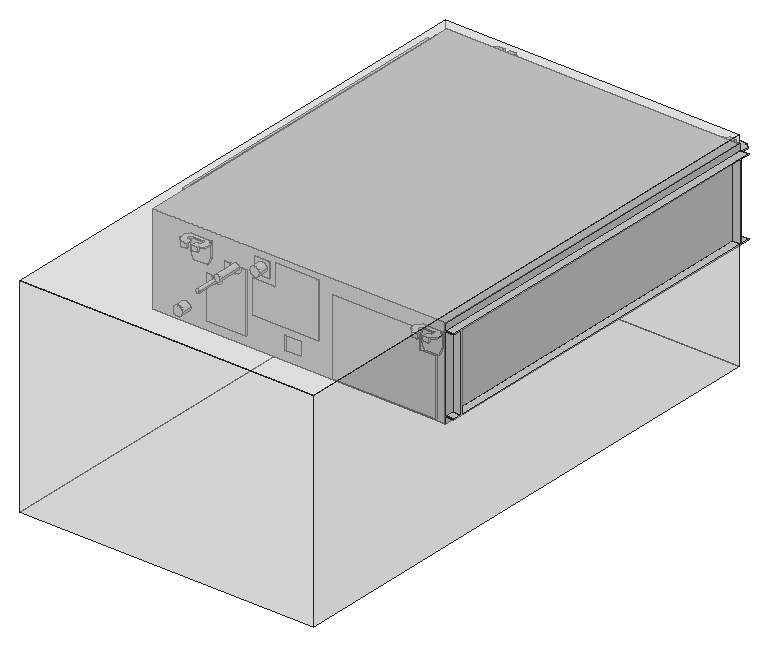
Revit family "outputfile", category 機械設備, Revit 2024
Family settings
  丸型コネクタ寸法 = 半径を使用
  パーツ タイプ = 標準
  OmniClass 番号 = 23.75.10.24.21.27.27
  OmniClass タイトル = Split System Air Conditioning Units
  作業面ベース = いいえ
  常に垂直 = はい
  ロード時にボイドで切り取り = いいえ
  注釈の向きを維持 = いいえ
  共有 = いいえ
  部屋計算ポイント = はい
Parameters (values of type "FBA60BVMA")
  製造元 = "Daikin"
  書き出し IFC クラス(タイプ) = "IfcUnitaryEquipmentType"
  定義済み IFC タイプ(タイプ) = "AIRCONDITIONINGUNIT"
  モデル = "FBA60BVMA"
  switch_frequency = yes
  r_Liquid Pipe Size = Liquid Pipe Size / 2  # 4.75 mm
  r_Gas Pipe Size = Gas Pipe Size / 2  # 7.95 mm
  r_Drain Pipe Size = Drain Pipe Size / 2  # 12.5 mm
  lw_power = 770.0 mm  # constant formula
  lh_SA = 138.0 mm  # constant formula
  lw_SA = if(Width = 550.0 mm, 225.0 mm, if(Width = 700.0 mm, 300.0 mm, if(Width = 1000.0 mm, 450.0 mm, if(Width = 1400.0 mm, 650.0 mm, 725.0 mm))))  # 450.0 mm
  lw_RA = if(Width = 550.0 mm, 275.0 mm, if(Width = 700.0 mm, 349.0 mm, if(Width = 1000.0 mm, 499.0 mm, if(Width = 1400.0 mm, 699.0 mm, 775.0 mm))))  # 499.0 mm
  lh_power = 60.0 mm + [h***]  # 60.0 mm
  lh_mountinghole1 = lh_mountinghole + [h***]  # 222.0 mm
  lh_RA = 123.0 mm  # constant formula
  ld_power = Width / 2  # 500.0 mm
  connector_voltage = Voltage_50Hz  # 230 V
  connector_powerinput = [Power Input (Cooling)]  # 1.640 kW
  connector_phase = Phase_50Hz  # 1
  Voltage_comment_60Hz = "220-230"
  Voltage_comment_50Hz = "220 - 240"
  Voltage_60Hz = 220 V
  Voltage_50Hz = 230 V
  Total Heating Capacity [instance] = 0.000 kW
  Supply Air Direction [instance] = yes
  Sound Power Level_H speed (dB) = 0
  Power Input (Heating) = 0.000 kW
  Phase_60Hz = 1
  Phase_50Hz = 1
  Nominal Heating Capacity = 0.000 kW
  Minimum External Static Pressure = 0.00 Pa
  Minimum Circuit Amps_60Hz = 0.0 A
  Minimum Circuit Amps_50Hz = 0.0 A
  Maximum Fuse Amps_60Hz = 0.0 A
  Maximum Fuse Amps_50Hz = 0.0 A
  Maximum External Static Pressure = 0.00 Pa
  Material_Casing = DAIKIN_GalvanizedSteel_Casing_indoorunit
  lw_mountinghole = 630.0 mm  # constant formula
  lh_gaspipe = 183.0 mm + [h***]  # 183.0 mm
  lh_mountinghole = 222.0 mm  # constant formula
  lh_liquidpipe = 136.0 mm + [h***]  # 136.0 mm
  lh_drainpipe = 207.0 mm + [h***]  # 207.0 mm
  lh_antena = Height - lh_mountinghole + 1.0 mm  # 24.0 mm
  ld_drainpipe = Width / 2 + 26.0 mm  # 526.0 mm
  ld_liquidpipe = Width / 2 + 69.0 mm  # 569.0 mm
  ld_gaspipe = Width / 2 + 65.0 mm  # 565.0 mm
  ld_mountinghole = Width + 38.0 mm  # 1038.0 mm
  h*** = 0.0 mm  # constant formula
  lw_liquidpipe = 179.0 mm  # constant formula
  lw_gaspipe = 229.0 mm  # constant formula
  lw_drainpipe = 300.0 mm  # constant formula
  Width = 1000.0 mm
  Version = "ver.1.0"
  Unit Type = "Duct"
  Unit Mass Weight = 37.00 kg
  Unit Designation [instance] = ""
  Uniclass2015Version = "Products v1.30"
  Uniclass2015Title = "Split coil room air conditioning units"
  Uniclass2015Code = "Pr_70_65_03_86"
  Total Cooling Capacity [instance] = 0.000 kW
  Sound Pressure Level_M speed (dBA) = 33
  Sound Pressure Level_L speed (dBA) = 31
  Sound Pressure Level_H speed (dBA) = 35
  Series = "SkyAir_Fan Coil Unit"
  Sensible Cooling Capacity [instance] = 0.000 kW
  SA Duct Size Width = 792.0 mm
  SA Duct Size Height = 176.0 mm
  Refrigerant Type = "R32"
  RA Duct Size Width = 952.0 mm
  RA Duct Size Height = 208.0 mm
  Power Input (Cooling) = 1.640 kW
  Option Accessory 3 [instance] = ""
  Option Accessory 2 [instance] = ""
  Option Accessory 1 [instance] = ""
  Nominal Cooling Capacity = 6.000 kW
  Minimum Airflow = 750.00 m³/h
  Median Airflow = 900.00 m³/h
  Maximum Airflow = 1080.00 m³/h
  Load Classification = HVAC
  Liquid Pipe Size = 9.5 mm
  Link_Nested Family [instance] = ""
  IfcVersion = ""
  IfcExportType = "AIRCONDITIONINGUNIT"
  IfcExportAs = "IfcUnitaryEquipmentType"
  Height = 245.0 mm
  Heating Entering Wet Bulb Temperature [instance] = -273.15 °C
  Heating Entering Dry Bulb Temperature [instance] = -273.15 °C
  Heating Ambient Wet Bulb Temperature [instance] = -273.15 °C
  Heating Ambient Dry Bulb Temperature [instance] = -273.15 °C
  Heat Exchanger Type = "Cross Fin Coil"
  Gas Pipe Size = 15.9 mm
  Frequency_60Hz = 60 Hz
  Frequency_50Hz = 50 Hz
  Fan Type = "Sirocco Fan"
  Fan Drive = "-"
  FCU Tag No. [instance] = ""
  Drain Pipe Size = 25.0 mm
  Design Supply Airflow [instance] = 0.00 m³/h
  Design Return Airflow [instance] = 0.00 m³/h
  Design External Static Pressure [instance] = 0.00 Pa
  Depth = 800.0 mm
  既定の高さ = 0.0 mm
  Cooling Entering Wet Bulb Temperature [instance] = 0.00 °C
  Cooling Entering Dry Bulb Temperature [instance] = 0.00 °C
  Cooling Ambient Wet Bulb Temperature [instance] = 0.00 °C
  Cooling Ambient Dry Bulb Temperature [instance] = 0.00 °C
  Clearance visibility [instance] = yes
  Clearance Top = 20.0 mm
  Clearance Right = 0.0 mm
  Clearance Rear = 0.0 mm
  Clearance Left = 0.0 mm
  Clearance Front = 450.0 mm
  Clearance Bottom = 300.0 mm
Reference planes
  plane 1 "Center (Front/Back)": y = 0
  plane 2 "h": z = 0
  plane 3 "Center (Left/Right)": x = 0
  plane 4 "Back": y = 500
  plane 5 "Front": y = -500
  plane 6 "Left": x = -400
  plane 7 "Right": x = 400
  plane 8 "Top": z = 0
  plane 9 "Bottom": z = -245
  plane 10: y = -215
  plane 11: y = 500
  plane 12: y = -950
  plane 13: x = -400
  plane 14: x = 400
  plane 15: z = 20
  plane 16: z = -545
  plane 17: x = -400
  plane 18: x = -399
  plane 19: x = 399
  plane 20: y = 50
  plane 21: y = -1
  plane 22: z = -122
  plane 23: y = -501
  plane 24: z = -109
  plane 25: x = -221
  plane 26: y = -565
  plane 27: z = -62
  plane 28: x = -171
  plane 29: y = -526
  plane 30: z = -38
  plane 31: x = -100
  plane 32: x = -100
  plane 33: x = -221
  plane 34: x = -171
  plane 35: x = 370
  plane 36: x = -266
  plane 37: x = 364
  plane 38: y = -519
  plane 39: y = 519
  plane 40: z = -23
  plane 41: z = -107
  plane 42: y = -569
  plane 43: z = -207
  plane 44: x = -309
  plane 45: y = -376
  plane 46: x = -251
  plane 47: x = -203
  plane 48: x = -144
  plane 49: z = -59
  plane 50: z = -106
  plane 51: z = -221
  plane 52: z = -109
  plane 53: x = -221
  plane 54: z = -62
  plane 55: x = -171
  plane 56: z = -17
  plane 57: z = -59
  plane 58: x = -121
  plane 59: x = -79
  plane 60: x = -125
  plane 61: x = -64
  plane 62: x = 53
  plane 63: z = -164
  plane 64: z = -73
  plane 65: z = -16
  plane 66: x = 93.5
  plane 67: x = 374.5
  plane 68: x = 330
  plane 69: z = -88.5
  plane 70: z = -38
  plane 71: z = -242.5
  plane 72: x = -38.5
  plane 73: x = 6.5
  plane 74: z = -181
  plane 75: z = -221
  plane 76: y = -499
  plane 77: x = -424
  plane 78: x = 424
Forms (mm)
  Extrusion 1, solid, material "DAIKIN_GalvanizedSteel_Casing_indoorunit" <- "Material_Casing"
    sketch origin (0, 0, 0) x (1, 0, 0) y (0, 1, 0)
      loop
        line (-399, 500) -> (-399, -500) -> (399, -500) -> (399, 500) -> (-399, 500)
    from -245 to 0
  Extrusion 2, solid, material "DAIKIN_GalvanizedSteel_Casing_indoorunit" <- "Material_Casing"
    sketch origin (0, 0, 0) x (1, 0, 0) y (0, 0, 1)
      loop
        line (-251, -221) -> (-144, -221) -> (-144, -59) -> (-154.47, -59)
        arc (-154.47, -59) -> (-171, -78.8) -> (-187.53, -59) r 16.8
        line (-187.53, -59) -> (-203, -59) -> (-203, -106) -> (-206.916, -106)
        arc (-206.916, -106) -> (-221, -123.4) -> (-235.084, -106) r 14.4
        line (-235.084, -106) -> (-251, -106) -> (-251, -221)
    from 500 to 501
  Extrusion 3, solid, material "DAIKIN_GalvanizedSteel_Casing_indoorunit" <- "Material_Casing"
    sketch origin (0, 0, 0) x (1, 0, 0) y (0, 0, 1)
      loop
        line (-121, -17) -> (-121, -59) -> (-79, -59) -> (-79, -17) -> (-121, -17)
      loop
        line (-125, -73) -> (-125, -164) -> (53, -164) -> (53, -16) -> (-64, -16) -> (-64, -73) -> (-125, -73)
    from 500 to 501
  Extrusion 4, solid, material "DAIKIN_GalvanizedSteel_Casing_indoorunit" <- "Material_Casing"
    sketch origin (0, 0, 0) x (1, 0, 0) y (0, 0, 1)
      loop
        line (93.5, -38) -> (93.5, -242.5) -> (374.5, -242.5) -> (374.5, -88.5) -> (330, -88.5) -> (330, -38) -> (93.5, -38)
    from 500 to 501
  Extrusion 5, solid, material "DAIKIN_GalvanizedSteel_Casing_indoorunit" <- "Material_Casing"
    sketch origin (0, 0, 0) x (1, 0, 0) y (0, 0, 1)
      loop
        circle (-221, -109) r 4.75
    from 500 to 569
  Extrusion 6, solid, material "DAIKIN_GalvanizedSteel_Casing_indoorunit" <- "Material_Casing"
    sketch origin (0, 0, 0) x (1, 0, 0) y (0, 0, 1)
      loop
        circle (-171, -62) r 7.95
    from 500 to 565
  Extrusion 7, solid, material "DAIKIN_GalvanizedSteel_Casing_indoorunit" <- "Material_Casing"
    sketch origin (0, 0, 0) x (1, 0, 0) y (0, 0, 1)
      loop
        circle (-100, -38) r 12.5
    from 501 to 526
  Extrusion 8, solid, material "DAIKIN_GalvanizedSteel_Casing_indoorunit" <- "Material_Casing"
    sketch origin (0, 0, 0) x (1, 0, 0) y (0, 0, 1)
      loop
        circle (-309, -207) r 13
    from 500 to 526
  Extrusion 9, void
    sketch origin (0, 0, 0) x (1, 0, 0) y (0, 0, 1)
      loop
        line (-38.5, -181) -> (-38.5, -221) -> (6.5, -221) -> (6.5, -181) -> (-38.5, -181)
    from 499 to 500
Cuts and joins
  Extrusion 9 cuts Extrusion 1
Dimensions and locks
  "Height": plane 8 "Top" to plane 9 "Bottom"
  equal spacing: plane 4 "Back", plane 1 "Center (Front/Back)", plane 5 "Front"
  "Width": plane 4 "Back" to plane 5 "Front"
  equal spacing: plane 6 "Left", plane 3 "Center (Left/Right)", plane 7 "Right"
  "Depth": plane 6 "Left" to plane 7 "Right"
  "Clearance Left": plane 13 to plane 6 "Left"
  "Clearance Right": plane 7 "Right" to plane 14
  "Clearance Rear": plane 11 to plane 4 "Back"
  "Clearance Front": plane 5 "Front" to plane 12
  "Clearance Top": plane 15 to plane 8 "Top"
  "Clearance Bottom": plane 9 "Bottom" to plane 16
  locked: plane 17 to plane 18 at 1
  locked: plane 19 to plane 14 at 1
  "lw_SA": plane 11 to plane 20
  "lw_RA": plane 21 to plane 5 "Front"
  "lh_RA": plane 22 to plane 9 "Bottom"
  locked: plane 5 "Front" to plane 23 at 1
  "lw_liquidpipe": plane 25 to plane 6 "Left"
  "lh_liquidpipe": plane 24 to plane 9 "Bottom"
  "lh_gaspipe": plane 27 to plane 9 "Bottom"
  "lw_gaspipe": plane 28 to plane 6 "Left"
  "ld_gaspipe": plane 26 to plane 1 "Center (Front/Back)"
  "ld_drainpipe": plane 29 to plane 1 "Center (Front/Back)"
  "lh_drainpipe": plane 30 to plane 9 "Bottom"
  "lw_drainpipe": plane 31 to plane 6 "Left"
  "lw_drainpipe": plane 6 "Left" to plane 32
  "lw_liquidpipe": plane 6 "Left" to plane 33
  "lw_gaspipe": plane 6 "Left" to plane 34
  "lw_power": plane 6 "Left" to plane 35
  locked: plane 17 to plane 36 at 134
  "lw_mountinghole": plane 36 to plane 37
  equal spacing: plane 38, plane 1 "Center (Front/Back)", plane 39
  "ld_mountinghole": plane 39 to plane 38
  "lh_mountinghole": plane 40 to plane 9 "Bottom"
  "lh_SA": plane 41 to plane 9 "Bottom"
  locked: plane 44 to plane 6 "Left" at 91
  locked: plane 43 to plane 9 "Bottom" at 38
  plane 48 to plane 47 to plane 46 to plane 6 "Left" = 59.0 mm, 48.0 mm, 149.0 mm
  plane 8 "Top" to plane 49 to plane 50 to plane 51 = 59.0 mm locked, 47.0 mm locked, 115.0 mm locked
  plane 55 to plane 53 to plane 6 "Left" = 50.0 mm locked, 179.0 mm locked
  plane 54 to plane 52 to plane 9 "Bottom" = 47.0 mm locked, 136.0 mm locked
  plane 59 to plane 58 to plane 6 "Left" = 42.0 mm locked, 279.0 mm locked
  plane 8 "Top" to plane 56 to plane 57 = 17.0 mm locked, 42.0 mm locked
  plane 62 to plane 61 to plane 60 to plane 6 "Left" = 117.0 mm, 61.0 mm, 275.0 mm
  plane 8 "Top" to plane 65 to plane 64 = 16.0 mm locked, 57.0 mm locked
  locked: plane 65 to plane 63 at 148
  plane 8 "Top" to plane 70 to plane 69 to plane 71 = 38.0 mm locked, 50.5 mm locked, 154.0 mm locked
  plane 67 to plane 68 to plane 66 to plane 6 "Left" = 44.5 mm locked, 236.5 mm locked, 493.5 mm locked
  plane 8 "Top" to plane 74 to plane 75 = 181.0 mm locked, 40.0 mm locked
  plane 73 to plane 72 to plane 6 "Left" = 45.0 mm, 361.5 mm
  locked: plane 76 to plane 5 "Front" at 1
  locked: plane 77 to plane 17 at 24
  locked: plane 14 to plane 78 at 24
  "ld_liquidpipe": plane 42 to plane 1 "Center (Front/Back)"
  "r_Liquid Pipe Size": radius of Extrusion 5 sketch curve
  "r_Gas Pipe Size": radius of Extrusion 6 sketch curve
  "r_Drain Pipe Size": radius of Extrusion 7 sketch curve
  aligned and locked: level to plane 2 "h"
  aligned and locked: plane 8 "Top" to Extrusion 1
  aligned and locked: Extrusion 1 to plane 9 "Bottom"
  aligned and locked: nested 5 to plane 12
  aligned and locked: plane 13 to nested 5
  aligned and locked: plane 14 to nested 5
  aligned and locked: nested 5 to plane 13
  aligned and locked: plane 11 to nested 5
  aligned and locked: plane 15 to nested 5
  aligned and locked: plane 16 to nested 5
  aligned and locked: plane 5 "Front" to Extrusion 1 sketch curve
  aligned and locked: Extrusion 1 to plane 18
  aligned and locked: plane 19 to Extrusion 1
  aligned and locked: nested 7 to plane 18
  aligned and locked: nested 7 to plane 20
  aligned and locked: plane 19 to nested 8
  aligned and locked: plane 21 to nested 8
  aligned and locked: plane 22 to nested 8
  aligned and locked: Extrusion 2 to plane 23
  aligned and locked: plane 5 "Front" to Extrusion 2
  aligned and locked: Extrusion 3 to plane 23
  aligned and locked: plane 5 "Front" to Extrusion 3
  aligned and locked: plane 5 "Front" to Extrusion 4
  aligned and locked: Extrusion 5 sketch curve to plane 25
  aligned and locked: plane 24 to Extrusion 5 sketch curve
  aligned and locked: plane 5 "Front" to Extrusion 5
  aligned and locked: Extrusion 6 sketch curve to plane 28
  aligned and locked: plane 27 to Extrusion 6 sketch curve
  aligned and locked: plane 5 "Front" to Extrusion 6
  aligned and locked: Extrusion 7 sketch curve to plane 31
  aligned and locked: Extrusion 7 sketch curve to plane 30
  aligned and locked: Extrusion 7 to plane 29
  aligned and locked: plane 23 to Extrusion 7
  aligned and locked: nested 3 to plane 29
  aligned and locked: plane 32 to nested 3
  aligned and locked: nested 2 to plane 33
  aligned and locked: nested 1 to plane 34
  aligned and locked: Extrusion 6 to plane 26
  aligned and locked: nested 1 to plane 26
  aligned and locked: nested 6 to plane 5 "Front"
  aligned and locked: nested 6 to plane 35
  aligned and locked: plane 36 to nested 10
  aligned and locked: nested 10 to plane 5 "Front"
  aligned and locked: plane 37 to nested 9
  aligned and locked: nested 9 to plane 5 "Front"
  aligned and locked: nested 11 to plane 36
  aligned and locked: plane 4 "Back" to nested 11
  aligned and locked: nested 12 to plane 37
  aligned and locked: plane 4 "Back" to nested 12
  aligned and locked: plane 40 to nested 10
  aligned and locked: plane 40 to nested 11
  aligned and locked: plane 40 to nested 9
  aligned and locked: plane 40 to nested 12
  aligned and locked: plane 36 to nested 14
  aligned and locked: nested 14 to plane 39
  aligned and locked: plane 37 to nested 13
  aligned and locked: nested 13 to plane 39
  aligned and locked: plane 37 to nested 16
  aligned and locked: plane 38 to nested 16
  aligned and locked: plane 38 to nested 15
  aligned and locked: plane 36 to nested 15
  aligned and locked: plane 17 to plane 6 "Left"
  aligned and locked: plane 41 to nested 7
  aligned and locked: Extrusion 5 to plane 42
  aligned and locked: nested 2 to plane 42
  aligned and locked: Extrusion 8 sketch curve to plane 44
  aligned and locked: plane 43 to Extrusion 8 sketch curve
  aligned and locked: plane 5 "Front" to Extrusion 8
  aligned and locked: Extrusion 3 sketch curve to plane 56
  aligned and locked: Extrusion 3 sketch curve to plane 58
  aligned and locked: plane 57 to Extrusion 3 sketch curve
  aligned and locked: plane 59 to Extrusion 3 sketch curve
  aligned and locked: Extrusion 4 to plane 23
  aligned and locked: Extrusion 9 sketch curve to plane 74
  aligned and locked: plane 75 to Extrusion 9 sketch curve
  aligned and locked: plane 73 to Extrusion 9 sketch curve
  aligned and locked: plane 5 "Front" to Extrusion 9
  aligned and locked: plane 76 to Extrusion 9
  aligned and locked: nested 17 to plane 20
  aligned and locked: nested 17 to plane 77
  aligned and locked: plane 21 to nested 18
  aligned and locked: plane 78 to nested 18
  aligned and locked: plane 41 to nested 17
  aligned and locked: nested 18 to plane 22
  aligned and locked: nested 4 to plane 3 "Center (Left/Right)"
  aligned and locked: plane 1 "Center (Front/Back)" to nested 4
  aligned and locked: level to plane 8 "Top"
Automatic sketch dimensions
  plane 6 "Left" to Extrusion 1 sketch curve = 1.0 mm
  Extrusion 1 sketch curve to plane 7 "Right" = 1.0 mm
  Extrusion 1 sketch curve to plane 4 "Back" = 0.0 mm
  Extrusion 2 sketch curve to plane 46 = 0.0 mm
  Extrusion 2 sketch curve to plane 33 = 0.0 mm
  Extrusion 2 sketch curve to plane 47 = 0.0 mm
  Extrusion 2 sketch curve to plane 34 = 0.0 mm
  Extrusion 2 sketch curve to plane 48 = 0.0 mm
  Extrusion 2 sketch curve to plane 51 = 0.0 mm
  Extrusion 2 sketch curve to plane 52 = 0.0 mm
  Extrusion 2 sketch curve to plane 50 = 0.0 mm  (x3)
  Extrusion 2 sketch curve to plane 54 = 0.0 mm
  Extrusion 2 sketch curve to plane 49 = 0.0 mm  (x3)
  plane 33 to Extrusion 2 sketch curve = 14.084 mm
  plane 34 to Extrusion 2 sketch curve = 16.53 mm
  Extrusion 3 sketch curve to plane 60 = 0.0 mm
  Extrusion 3 sketch curve to plane 61 = 0.0 mm
  Extrusion 3 sketch curve to plane 62 = 0.0 mm
  Extrusion 3 sketch curve to plane 63 = 0.0 mm
  Extrusion 3 sketch curve to plane 64 = 0.0 mm
  Extrusion 3 sketch curve to plane 65 = 0.0 mm
  Extrusion 4 sketch curve to plane 66 = 0.0 mm
  Extrusion 4 sketch curve to plane 68 = 0.0 mm
  Extrusion 4 sketch curve to plane 67 = 0.0 mm
  Extrusion 4 sketch curve to plane 71 = 0.0 mm
  Extrusion 4 sketch curve to plane 69 = 0.0 mm
  Extrusion 4 sketch curve to plane 70 = 0.0 mm
  Extrusion 9 sketch curve to plane 72 = 0.0 mm
  radius of Extrusion 8 sketch curve = 13.0 mm
Nested families
  nested 1: "daikin_connector_rotate2" at (-171, 0, -62), length <- "ld_gaspipe", built-in parameter 1001364 <- "lh_gaspipe", radius <- "r_Gas Pipe Size", type "daikin_connector_rotate2"
    with radius 7.95 mm, length 565.0 mm, angle_vertical 90.00°
  nested 2: "daikin_connector_rotate2" at (-221, 0, -109), length <- "ld_liquidpipe", built-in parameter 1001364 <- "lh_liquidpipe", radius <- "r_Liquid Pipe Size", type "daikin_connector_rotate2"
    with radius 4.75 mm, length 569.0 mm, angle_vertical 90.00°
  nested 3: "daikin_connector_rotate2" at (-100, 0, -38), length <- "ld_drainpipe", built-in parameter 1001364 <- "lh_drainpipe", radius <- "r_Drain Pipe Size", type "daikin_connector_rotate2"
    with radius 12.5 mm, length 526.0 mm, angle_vertical 90.00°
  nested 4: "daikin_△_symbolicline" at (0, 0, 245) x (0, -1, 0) z (0, 0, 1), built-in parameter 1001364 <- "Height", visible <- "Supply Air Direction", type "daikin_△_symbolicline"
    with length 200.0 mm
  nested 5: "daikin_clearancespace" at (0, -225, -262.381), visible <- "Clearance visibility", show <- "Clearance visibility", Link_Nested Family <- "Link_Nested Family", type "daikin_clearancespace"
    with width 800.0 mm, show yes, height 565.0 mm, depth 1450.0 mm, Link_Nested Family ""
  nested 6: "daikin_connector_rotate2" at (370, 0, -185), built-in parameter 1001364 <- "lh_power", length <- "ld_power", type "daikin_connector_rotate2"
    with radius 10.0 mm, length 500.0 mm, angle_vertical 90.00°
  nested 7: "daikin_ductflange_FBA-BVMA2" at (-399, 50, -107) x (0, -1, 0) z (0, 0, 1), type "daikin_ductflange_FBA-BVMA2"
    with width 792.0 mm, w 1000.0 mm
  nested 8: "daikin_ductflange_FBA-BVMA" at (399, -1, -122) x (0, 1, 0) z (0, 0, 1), type "daikin_ductflange_FBA-BVMA"
    with width 952.0 mm, lw 25.0 mm, w 1000.0 mm
  nested 9: "daikin_hangerfixture_FBA-BVMA" at (364, -500, -23), type "daikin_hangerfixture_FBA-BVMA"
  nested 10: "daikin_hangerfixture_FBA-BVMA" at (-266, -500, -23), type "daikin_hangerfixture_FBA-BVMA"
  nested 11: "daikin_hangerfixture_FBA-BVMA" at (-266, 500, -23) x (-1, 0, 0) z (0, 0, 1), type "daikin_hangerfixture_FBA-BVMA"
  nested 12: "daikin_hangerfixture_FBA-BVMA" at (364, 500, -23) x (-1, 0, 0) z (0, 0, 1), type "daikin_hangerfixture_FBA-BVMA"
  nested 13: "daikin_mountinghole" at (364, 519, -245), h_mountinghole <- "lh_mountinghole1", l_antenna <- "lh_antena", Link_Nested Family <- "Link_Nested Family", type "daikin_mountinghole"
    with show yes, l_antenna 24.0 mm, h_mountinghole 222.0 mm, Link_Nested Family ""
  nested 14: "daikin_mountinghole" at (-266, 519, -245), h_mountinghole <- "lh_mountinghole1", l_antenna <- "lh_antena", Link_Nested Family <- "Link_Nested Family", type "daikin_mountinghole"
    with show yes, l_antenna 24.0 mm, h_mountinghole 222.0 mm, Link_Nested Family ""
  nested 15: "daikin_mountinghole" at (-266, -519, -245), h_mountinghole <- "lh_mountinghole1", l_antenna <- "lh_antena", Link_Nested Family <- "Link_Nested Family", type "daikin_mountinghole"
    with show yes, l_antenna 24.0 mm, h_mountinghole 222.0 mm, Link_Nested Family ""
  nested 16: "daikin_mountinghole" at (364, -519, -245), h_mountinghole <- "lh_mountinghole1", l_antenna <- "lh_antena", Link_Nested Family <- "Link_Nested Family", type "daikin_mountinghole"
    with show yes, l_antenna 24.0 mm, h_mountinghole 222.0 mm, Link_Nested Family ""
  nested 17: "daikin_connector_rotate2" at (-400, 50, -107) x (0, -1, 0) z (0, 0, 1), type "daikin_connector_rotate2"
    with radius 10.0 mm, length 24.0 mm, angle_vertical 90.00°
  nested 18: "daikin_connector_rotate2" at (400, -1, -122) x (0, 1, 0) z (0, 0, 1), type "daikin_connector_rotate2"
    with radius 10.0 mm, length 24.0 mm, angle_vertical 90.00°
Connectors
  piping at (-100, -526, -38), diameter 25, driven by "r_Drain Pipe Size"
    settings: on nested 3, index 3, connector inside diameter 609.6 mm, connector length 0.0 mm, flow factor 0, pipe flow 0.00 m³/h, pressure drop 0.0 Pa, fitting loss kfactor 0, connector angle 0.00°, fixture units 0, engagement length 0.0 mm, angle of deflection 0.00°, flow configuration 1, flow direction 2, fitting loss method 4, system type 16, joint type 0, gender type 0, connector reference index -1, connector utility 0, adjustable connector no, is connector primary yes, connector description "Condensate Drain Piping"
  piping at (-171, -565, -62), diameter 15.9, driven by "r_Gas Pipe Size"
    settings: on nested 1, index 4, connector inside diameter 609.6 mm, connector length 0.0 mm, flow factor 0, pipe flow 0.00 m³/h, pressure drop 0.0 Pa, fitting loss kfactor 0, connector angle 0.00°, fixture units 0, engagement length 0.0 mm, angle of deflection 0.00°, flow configuration 1, flow direction 2, fitting loss method 0, system type 29, joint type 0, gender type 0, connector reference index -1, connector utility 0, adjustable connector no, is connector primary no, connector description "Refrigerant Gas Piping"
  piping at (-221, -569, -109), diameter 9.5, driven by "r_Liquid Pipe Size"
    settings: on nested 2, index 5, connector inside diameter 609.6 mm, connector length 0.0 mm, flow factor 0, pipe flow 0.00 m³/h, pressure drop 0.0 Pa, fitting loss kfactor 0, connector angle 0.00°, fixture units 0, engagement length 0.0 mm, angle of deflection 0.00°, flow configuration 1, flow direction 1, fitting loss method 0, system type 29, joint type 0, gender type 0, connector reference index -1, connector utility 0, adjustable connector no, is connector primary no, connector description "Refrigerant Liquid Piping"
  electrical at (370, -500, -185), driven by "Load Classification", driven by "connector_voltage", driven by "connector_phase", driven by "connector_powerinput"
    settings: on nested 6, index 6, voltage 230 V, apparent load 1640 VA, apparent load phase1 0 VA, apparent load phase2 0 VA, apparent load phase3 0 VA, power factor 1, load classification "HVAC", number of poles 1, system type 30, power factor state 1, is connector primary yes, connector utility no, sub classification motor no, connector description "Power Supply"
  hvac at (-424, 50, -107), driven by "SA Duct Size Height", driven by "SA Duct Size Width"
    settings: on nested 17, index 7, duct flow 0.00 m³/h, flow factor 0, pres drop 0.00 Pa, loss coef 0, conn angle 0.00°, conn width 792.0 mm, conn height 176.0 mm, conn diameter 609.6 mm, duct sys type 1, conn prof type 1, flow config 0, flow direction 2, loss method 4, conn ref index -1, conn util no, is conn primary yes, conn desc "SA Duct"
  hvac at (424, -1, -122), driven by "RA Duct Size Height", driven by "RA Duct Size Width"
    settings: on nested 18, index 8, duct flow 0.00 m³/h, flow factor 0, pres drop 0.00 Pa, loss coef 0, conn angle 0.00°, conn width 952.0 mm, conn height 208.0 mm, conn diameter 609.6 mm, duct sys type 2, conn prof type 1, flow config 0, flow direction 1, loss method 4, conn ref index -1, conn util no, is conn primary no, conn desc "RA Duct"
Definition of nested family "daikin_clearancespace"
  Parameters (values of type "daikin_clearancespace")
    Description = "daikin_clearancespace"
    width [instance] = 1823.963 mm
    show [instance] = yes
    material = none
    height [instance] = 1359.762 mm
    depth [instance] = 880.0 mm
    Default Elevation = 0.0 mm
    Link_Nested Family [instance] = ""
  Reference planes
    plane 1 "Center (Front/Back)": y = 0
    plane 2 "Center (Elevation)": z = -0.119
    plane 3 "Center (Left/Right)": x = 0
    plane 4: y = 440
    plane 5: y = -440
    plane 6 "Right": x = 911.982
    plane 7 "Left": x = -911.982
    plane 8 "Top": z = 679.762
    plane 9 "Bottom": z = -680
  Forms (mm)
    Extrusion 1, solid, material <- "material", visible <- "show"
      sketch origin (0, 0, 0) x (1, 0, 0) y (0, 1, 0)
        loop
          line (-911.982, 440) -> (-911.982, -440) -> (911.982, -440) -> (911.982, 440) -> (-911.982, 440)
      from -680 to 679.762
  Lines and regions (mm)
    symbolic lines, visible <- "show"
      curve 1: line (911.982, 440, 0) -> (-911.982, 440, 0)
      curve 2: line (-911.982, 440, 0) -> (-911.982, -440, 0)
      curve 3: line (-911.982, -440, 0) -> (911.982, -440, 0)
      curve 4: line (911.982, -440, 0) -> (911.982, 440, 0)
      curve 5: line (911.982, 0, 679.762) -> (-911.982, 0, 679.762)
      curve 6: line (911.982, 0, -680) -> (911.982, 0, 679.762)
      curve 7: line (-911.982, 0, -680) -> (911.982, 0, -680)
      curve 8: line (-911.982, 0, 679.762) -> (-911.982, 0, -680)
      curve 9: line (0, 440, 679.762) -> (0, -440, 679.762)
      curve 10: line (0, -440, 679.762) -> (0, -440, -680)
      curve 11: line (0, 440, -680) -> (0, 440, 679.762)
      curve 12: line (0, -440, -680) -> (0, 440, -680)
  Dimensions and locks
    "width": plane 7 "Left" to plane 6 "Right"
    "depth": plane 4 to plane 5
    "height": plane 8 "Top" to plane 9 "Bottom"
    equal spacing: plane 7 "Left", plane 3 "Center (Left/Right)", plane 6 "Right"
    equal spacing: plane 4, plane 1 "Center (Front/Back)", plane 5
    equal spacing: plane 8 "Top", plane 2 "Center (Elevation)", plane 9 "Bottom"
    aligned and locked: level to plane 2 "Center (Elevation)"
    aligned and locked: Extrusion 1 sketch curve to plane 4
    aligned and locked: plane 7 "Left" to Extrusion 1 sketch curve
    aligned and locked: Extrusion 1 sketch curve to plane 5
    aligned and locked: Extrusion 1 sketch curve to plane 6 "Right"
    aligned and locked: plane 8 "Top" to Extrusion 1
    aligned and locked: curve 1 to Extrusion 1
    aligned and locked: curve 2 to Extrusion 1
    aligned and locked: curve 3 to Extrusion 1
    aligned and locked: curve 4 to Extrusion 1
    aligned and locked: curve 5 to Extrusion 1
    aligned and locked: curve 6 to Extrusion 1
    aligned and locked: curve 7 to Extrusion 1
    aligned and locked: curve 8 to Extrusion 1
    aligned and locked: curve 9 to Extrusion 1
    aligned and locked: curve 10 to Extrusion 1
    aligned and locked: curve 11 to Extrusion 1
    aligned and locked: curve 12 to Extrusion 1
    aligned and locked: Extrusion 1 to plane 9 "Bottom"
Definition of nested family "daikin_ductflange_FBA-BVMA2"
  Parameters (values of type "daikin_ductflange_FBFC-DVMG2")
    width = if(w = 550.0 mm, 337.0 mm, if(w = 700.0 mm, 492.0 mm, if(w = 1000.0 mm, 792.0 mm, if(w = 1400.0 mm, 1192.0 mm, 1337.0 mm))))  # 1192.0 mm
    material = none
    height = 215.0 mm
    depth = 1.0 mm
    w = 1400.0 mm
    Default Elevation = 0.0 mm
  Reference planes
    plane 1 "Center (Front/Back)": y = 0
    plane 2: z = 0
    plane 3 "Center (Left/Right)": x = 0
    plane 4: z = 88
    plane 5: z = -88
    plane 6: y = -25
    plane 7: z = 106
    plane 8: z = 89
    plane 9: y = -1
    plane 10: x = -617.5
    plane 11: x = 617.5
    plane 12: z = -106
    plane 13: z = -89
    plane 14: y = -1
    plane 15: x = 596
    plane 16: x = -596
    plane 17: x = 597
    plane 18: z = 87
    plane 19: z = -87
    plane 20: x = -597
    plane 21: z = 87
    plane 22: z = -87
    plane 23: y = -1
  Forms (mm)
    Extrusion 1, solid, material <- "material"
      sketch origin (0, 0, 0) x (0, 1, 0) y (0, 0, 1)
        loop
          line (-25, 88) -> (0, 88) -> (0, 106) -> (-1, 106) -> (-1, 89) -> (-25, 89) -> (-25, 88)
      from -617.5 to 617.5
    Extrusion 2, solid, material <- "material"
      sketch origin (0, 0, 0) x (0, 1, 0) y (0, 0, 1)
        loop
          line (-25, -88) -> (-25, -89) -> (-1, -89) -> (-1, -106) -> (0, -106) -> (0, -88) -> (-25, -88)
      from -617.5 to 617.5
    Extrusion 3, solid, material <- "material"
      sketch origin (0, 0, 0) x (1, 0, 0) y (0, 0, 1)
        loop
          line (596, 88) -> (596, -88) -> (617.5, -88) -> (617.5, -87) -> (597, -87) -> (597, 87) -> (617.5, 87) -> (617.5, 88) -> (596, 88)
      from 0 to 25
    Extrusion 4, solid, material <- "material"
      sketch origin (0, 0, 0) x (1, 0, 0) y (0, 0, 1)
        loop
          line (-617.5, 88) -> (-617.5, 87) -> (-597, 87) -> (-597, -87) -> (-617.5, -87) -> (-617.5, -88) -> (-596, -88) -> (-596, 88) -> (-617.5, 88)
      from 0 to 25
    Extrusion 5, solid, material <- "material"
      sketch origin (0, 0, 0) x (1, 0, 0) y (0, 0, 1)
        loop
          line (-617.5, 88) -> (-617.5, -88) -> (-596, -88) -> (-596, 88) -> (-617.5, 88)
        loop
          line (617.5, 88) -> (596, 88) -> (596, -88) -> (617.5, -88) -> (617.5, 88)
      from 0 to 1
  Cuts and joins
    joined: Extrusion 1, Extrusion 2, Extrusion 3, Extrusion 4, Extrusion 5
  Dimensions and locks
    plane 4 to level to plane 5 = 88.0 mm, 88.0 mm
    locked: plane 6 to plane 1 "Center (Front/Back)" at 25
    locked: plane 9 to plane 1 "Center (Front/Back)" at 1
    locked: plane 8 to plane 4 at 1
    locked: plane 16 to plane 10 at 21.5
    locked: plane 17 to plane 15 at 1
    locked: plane 4 to plane 18 at 1
    locked: plane 19 to plane 5 at 1
    "width": plane 15 to plane 16
    plane 4 to plane 5 = 176.0 mm
    locked: plane 16 to plane 20 at 1
    locked: plane 4 to plane 21 at 1
    locked: plane 22 to plane 5 at 1
    locked: plane 23 to plane 1 "Center (Front/Back)" at 1
    plane 4 to level to plane 5 = 88.0 mm locked, 88.0 mm locked
    locked: plane 5 to plane 13 at 1
    locked: plane 5 to plane 12 at 18
    locked: plane 7 to plane 4 at 18
    equal spacing: plane 15, plane 3 "Center (Left/Right)", plane 16
    locked: plane 11 to plane 15 at 21.5
    plane 11 to plane 10 = 1235.0 mm
    aligned and locked: level to plane 2
    aligned and locked: Extrusion 1 to plane 10
    aligned and locked: plane 11 to Extrusion 1
    aligned and locked: plane 5 to Extrusion 2
    aligned and locked: Extrusion 2 to plane 1 "Center (Front/Back)"
    aligned and locked: plane 15 to Extrusion 3 sketch curve
    aligned and locked: Extrusion 3 sketch curve to Extrusion 2  (x2)
    aligned and locked: Extrusion 3 sketch curve to plane 11
    aligned and locked: plane 6 to Extrusion 3
    aligned and locked: Extrusion 2 to plane 10
    aligned and locked: plane 11 to Extrusion 2
    aligned and locked: Extrusion 4 sketch curve to Extrusion 1  (x2)
    aligned and locked: plane 5 to Extrusion 4 sketch curve
    aligned and locked: Extrusion 4 sketch curve to plane 16
    aligned and locked: Extrusion 4 sketch curve to plane 22
    aligned and locked: plane 20 to Extrusion 4 sketch curve
    aligned and locked: plane 21 to Extrusion 4 sketch curve
    aligned and locked: Extrusion 4 to plane 1 "Center (Front/Back)"
    aligned and locked: plane 6 to Extrusion 4
    aligned and locked: Extrusion 5 sketch curve to Extrusion 1  (x4)
    aligned and locked: Extrusion 5 sketch curve to Extrusion 4  (x2)
    aligned and locked: Extrusion 5 sketch curve to Extrusion 3  (x2)
    aligned and locked: Extrusion 5 to plane 1 "Center (Front/Back)"
    aligned and locked: plane 23 to Extrusion 5
  Automatic sketch dimensions
    Extrusion 1 sketch curve to plane 6 = 0.0 mm
    Extrusion 1 sketch curve to plane 7 = 0.0 mm
    Extrusion 1 sketch curve to plane 9 = 0.0 mm
    Extrusion 1 sketch curve to plane 1 "Center (Front/Back)" = 0.0 mm
    Extrusion 1 sketch curve to plane 4 = 0.0 mm
    Extrusion 1 sketch curve to plane 8 = 0.0 mm
    Extrusion 2 sketch curve to plane 6 = 0.0 mm
    plane 12 to Extrusion 2 sketch curve = 0.0 mm
    Extrusion 2 sketch curve to plane 14 = 0.0 mm
    Extrusion 2 sketch curve to plane 1 "Center (Front/Back)" = 0.0 mm
    plane 13 to Extrusion 2 sketch curve = 0.0 mm
    Extrusion 2 sketch curve to plane 5 = 0.0 mm
    Extrusion 3 sketch curve to plane 17 = 0.0 mm
    Extrusion 3 sketch curve to plane 19 = 0.0 mm
    Extrusion 3 sketch curve to plane 18 = 0.0 mm
    Extrusion 3 sketch curve to plane 4 = 0.0 mm
    Extrusion 4 sketch curve to plane 10 = 0.0 mm
Definition of nested family "daikin_ductflange_FBA-BVMA"
  Parameters (values of type "daikin_ductflange_FBFC-DVMG")
    width = if(w = 550.0 mm, 502.0 mm, if(w = 700.0 mm, 654.0 mm, if(w = 1000.0 mm, 952.0 mm, if(w = 1400.0 mm, 1352.0 mm, 1502.0 mm))))  # 654.0 mm
    material = none
    lw = if(width = 654.0 mm, 23.0 mm, 25.0 mm)  # 23.0 mm
    height = 208.0 mm
    depth = 1.0 mm
    w = 700.0 mm
    Default Elevation = 0.0 mm
  Reference planes
    plane 1 "Center (Front/Back)": y = 0
    plane 2: z = 0
    plane 3 "Center (Left/Right)": x = 0
    plane 4: z = 104
    plane 5: z = -104
    plane 6: y = -25
    plane 7: z = 121
    plane 8: z = 105
    plane 9: y = -1
    plane 10: x = -350
    plane 11: x = 350
    plane 12: z = -122
    plane 13: z = -105
    plane 14: y = -1
    plane 15: x = 327
    plane 16: x = -327
    plane 17: x = 328
    plane 18: z = 103
    plane 19: z = -103
    plane 20: x = -328
    plane 21: z = 103
    plane 22: z = -103
    plane 23: y = -1
  Forms (mm)
    Extrusion 1, solid, material <- "material"
      sketch origin (0, 0, 0) x (0, 1, 0) y (0, 0, 1)
        loop
          line (-25, 104) -> (0, 104) -> (0, 121) -> (-1, 121) -> (-1, 105) -> (-25, 105) -> (-25, 104)
      from -350 to 350
    Extrusion 2, solid, material <- "material"
      sketch origin (0, 0, 0) x (0, 1, 0) y (0, 0, 1)
        loop
          line (-25, -104) -> (-25, -105) -> (-1, -105) -> (-1, -122) -> (0, -122) -> (0, -104) -> (-25, -104)
      from -350 to 350
    Extrusion 3, solid, material <- "material"
      sketch origin (0, 0, 0) x (1, 0, 0) y (0, 0, 1)
        loop
          line (327, 104) -> (327, -104) -> (350, -104) -> (350, -103) -> (328, -103) -> (328, 103) -> (350, 103) -> (350, 104) -> (327, 104)
      from 0 to 25
    Extrusion 4, solid, material <- "material"
      sketch origin (0, 0, 0) x (1, 0, 0) y (0, 0, 1)
        loop
          line (-350, 104) -> (-350, 103) -> (-328, 103) -> (-328, -103) -> (-350, -103) -> (-350, -104) -> (-327, -104) -> (-327, 104) -> (-350, 104)
      from 0 to 25
    Extrusion 5, solid, material <- "material"
      sketch origin (0, 0, 0) x (1, 0, 0) y (0, 0, 1)
        loop
          line (-350, 104) -> (-350, -104) -> (-327, -104) -> (-327, 104) -> (-350, 104)
        loop
          line (350, 104) -> (327, 104) -> (327, -104) -> (350, -104) -> (350, 104)
      from 0 to 1
  Cuts and joins
    joined: Extrusion 1, Extrusion 2, Extrusion 3, Extrusion 4, Extrusion 5
  Dimensions and locks
    plane 4 to level to plane 5 = 104.0 mm, 104.0 mm
    locked: plane 6 to plane 1 "Center (Front/Back)" at 25
    locked: plane 9 to plane 1 "Center (Front/Back)" at 1
    locked: plane 8 to plane 4 at 1
    "lw": plane 11 to plane 15
    "lw": plane 16 to plane 10
    locked: plane 17 to plane 15 at 1
    locked: plane 4 to plane 18 at 1
    locked: plane 19 to plane 5 at 1
    "width": plane 15 to plane 16
    equal spacing: plane 15, plane 3 "Center (Left/Right)", plane 16
    locked: plane 16 to plane 20 at 1
    locked: plane 4 to plane 21 at 1
    locked: plane 22 to plane 5 at 1
    locked: plane 23 to plane 1 "Center (Front/Back)" at 1
    locked: plane 7 to plane 4 at 17
    locked: plane 1 "Center (Front/Back)" to plane 14 at 1
    locked: plane 5 to plane 13 at 1
    "height": plane 4 to plane 5
    plane 11 to plane 10 = 700.0 mm
    locked: plane 12 to plane 13 at 17
    equal spacing: plane 4, level, plane 5
    aligned and locked: level to plane 2
    aligned and locked: Extrusion 1 to plane 10
    aligned and locked: plane 11 to Extrusion 1
    aligned and locked: plane 5 to Extrusion 2
    aligned and locked: Extrusion 2 to plane 1 "Center (Front/Back)"
    aligned and locked: plane 15 to Extrusion 3 sketch curve
    aligned and locked: Extrusion 3 sketch curve to Extrusion 2  (x2)
    aligned and locked: Extrusion 3 sketch curve to plane 11
    aligned and locked: plane 6 to Extrusion 3
    aligned and locked: Extrusion 2 to plane 10
    aligned and locked: plane 11 to Extrusion 2
    aligned and locked: Extrusion 4 sketch curve to Extrusion 1  (x2)
    aligned and locked: plane 5 to Extrusion 4 sketch curve
    aligned and locked: Extrusion 4 sketch curve to plane 16
    aligned and locked: Extrusion 4 sketch curve to plane 22
    aligned and locked: plane 20 to Extrusion 4 sketch curve
    aligned and locked: plane 21 to Extrusion 4 sketch curve
    aligned and locked: Extrusion 4 to plane 1 "Center (Front/Back)"
    aligned and locked: plane 6 to Extrusion 4
    aligned and locked: Extrusion 5 sketch curve to Extrusion 1  (x4)
    aligned and locked: Extrusion 5 sketch curve to Extrusion 4  (x2)
    aligned and locked: Extrusion 5 sketch curve to Extrusion 3  (x2)
    aligned and locked: Extrusion 5 to plane 1 "Center (Front/Back)"
    aligned and locked: plane 23 to Extrusion 5
  Automatic sketch dimensions
    Extrusion 1 sketch curve to plane 6 = 0.0 mm
    Extrusion 1 sketch curve to plane 7 = 0.0 mm
    Extrusion 1 sketch curve to plane 9 = 0.0 mm
    Extrusion 1 sketch curve to plane 1 "Center (Front/Back)" = 0.0 mm
    Extrusion 1 sketch curve to plane 4 = 0.0 mm
    Extrusion 1 sketch curve to plane 8 = 0.0 mm
    Extrusion 2 sketch curve to plane 6 = 0.0 mm
    plane 12 to Extrusion 2 sketch curve = 0.0 mm
    Extrusion 2 sketch curve to plane 14 = 0.0 mm
    Extrusion 2 sketch curve to plane 1 "Center (Front/Back)" = 0.0 mm
    plane 13 to Extrusion 2 sketch curve = 0.0 mm
    Extrusion 2 sketch curve to plane 5 = 0.0 mm
    Extrusion 3 sketch curve to plane 17 = 0.0 mm
    Extrusion 3 sketch curve to plane 19 = 0.0 mm
    Extrusion 3 sketch curve to plane 18 = 0.0 mm
    Extrusion 3 sketch curve to plane 4 = 0.0 mm
    Extrusion 4 sketch curve to plane 10 = 0.0 mm
Definition of nested family "daikin_hangerfixture_FBA-BVMA"
  Parameters (values of type "daikin_hangerfixture_FXMQ-PAVE")
    width = 72.0 mm
    material = none
    height = 60.0 mm
    depth = 41.0 mm
    Default Elevation = 0.0 mm
  Reference planes
    plane 1 "Center (Front/Back)": y = 0
    plane 2: z = 0
    plane 3 "Center (Left/Right)": x = 0
    plane 4: y = 417.146
    plane 5: y = -41
    plane 6: x = -36
    plane 7: x = 36
    plane 8: z = -2.3
    plane 9: z = -60
    plane 10: y = -2.3
    plane 11: z = -12
    plane 12: y = -38.7
  Forms (mm)
    Extrusion 1, solid, material <- "material"
      sketch origin (0, 0, 0) x (1, 0, 0) y (0, 1, 0)
        loop
          line (-28, 0) -> (-28, -5)
          arc (-28, -5) -> (-29.127, -8.162) -> (-32, -9.899) r 5
          arc (-32, -9.899) -> (-34.873, -11.636) -> (-36, -14.798) r 5
          line (-36, -14.798) -> (-36, -27.178)
          arc (-36, -27.178) -> (-35.429, -29.499) -> (-33.846, -31.289) r 5
          line (-33.846, -31.289) -> (-23, -38.798) -> (-23, -41.098) -> (-6.5, -41.098) -> (-6.5, -28.498)
          arc (-6.5, -28.498) -> (-7.379, -26.377) -> (-9.5, -25.498) r 3
          line (-9.5, -25.498) -> (-13.5, -25.498)
          arc (-13.5, -25.498) -> (-20, -18.998) -> (-13.5, -12.498) r 6.5
          line (-13.5, -12.498) -> (13.5, -12.498)
          arc (13.5, -12.498) -> (20, -18.998) -> (13.5, -25.498) r 6.5
          line (13.5, -25.498) -> (9.5, -25.498)
          arc (9.5, -25.498) -> (7.379, -26.377) -> (6.5, -28.498) r 3
          line (6.5, -28.498) -> (6.5, -41.098) -> (23, -41.098) -> (23, -38.798) -> (33.846, -31.289)
          arc (33.846, -31.289) -> (35.429, -29.499) -> (36, -27.178) r 5
          line (36, -27.178) -> (36, -14.596)
          arc (36, -14.596) -> (34.873, -11.434) -> (32, -9.697) r 5
          arc (32, -9.697) -> (29.127, -7.96) -> (28, -4.798) r 5
          line (28, -4.798) -> (28, 0) -> (-28, 0)
      from 0 to -2.3
    Extrusion 2, solid, material <- "material"
      sketch origin (0, 0, 0) x (1, 0, 0) y (0, 0, 1)
        loop
          line (28, -39.037) -> (28, 0) -> (-28, 0) -> (-28, -39.037)
          arc (-28, -39.037) -> (-27.91, -39.983) -> (-27.642, -40.894) r 5
          line (-27.642, -40.894) -> (-21.257, -56.857)
          arc (-21.257, -56.857) -> (-19.418, -59.14) -> (-16.615, -60) r 5
          line (-16.615, -60) -> (16.615, -60)
          arc (16.615, -60) -> (19.418, -59.14) -> (21.257, -56.857) r 5
          line (21.257, -56.857) -> (27.642, -40.894)
          arc (27.642, -40.894) -> (27.91, -39.983) -> (28, -39.037) r 5
      from 0 to 2.3
    Extrusion 3, solid, material <- "material"
      sketch origin (0, 0, 0) x (1, 0, 0) y (0, 0, 1)
        loop
          line (-23, 0) -> (-23, -9)
          arc (-23, -9) -> (-22.121, -11.121) -> (-20, -12) r 3
          line (-20, -12) -> (-9.5, -12)
          arc (-9.5, -12) -> (-7.379, -11.121) -> (-6.5, -9) r 3
          line (-6.5, -9) -> (-6.5, 0) -> (-23, 0)
        loop
          line (23, 0) -> (6.5, 0) -> (6.5, -9)
          arc (6.5, -9) -> (7.379, -11.121) -> (9.5, -12) r 3
          line (9.5, -12) -> (20, -12)
          arc (20, -12) -> (22.121, -11.121) -> (23, -9) r 3
          line (23, -9) -> (23, 0)
      from 38.8 to 41.098
  Cuts and joins
    joined: Extrusion 1, Extrusion 2, Extrusion 3
  Dimensions and locks
    plane 2 to plane 8 = 2.3 mm
    "height": plane 2 to plane 9
    locked: plane 10 to plane 1 "Center (Front/Back)" at 2.3
    locked: plane 2 to plane 11 at 12
    locked: plane 12 to plane 5 at 2.3
    aligned and locked: level to plane 2
    aligned and locked: Extrusion 1 to plane 8
    aligned and locked: plane 2 to Extrusion 1
    aligned and locked: plane 2 to Extrusion 2 sketch curve
    aligned and locked: Extrusion 2 to plane 10
    aligned and locked: Extrusion 2 to plane 1 "Center (Front/Back)"
    aligned and locked: Extrusion 3 sketch curve to cut or joined group of Extrusion 1, Extrusion 2, Extrusion 3  (x3)
    aligned and locked: cut or joined group of Extrusion 1, Extrusion 2, Extrusion 3 to Extrusion 3
  Automatic sketch dimensions
    Extrusion 2 sketch curve to plane 7 = 8.0 mm
    Extrusion 2 sketch curve to plane 8 = 36.737 mm
    plane 6 to Extrusion 2 sketch curve = 19.385 mm
    Extrusion 1 sketch curve to plane 6 = 0.0 mm
    plane 1 "Center (Front/Back)" to Extrusion 1 sketch curve = 0.0 mm
    Extrusion 1 sketch curve to plane 7 = 0.0 mm
    plane 6 to Extrusion 1 sketch curve = 2.154 mm
    plane 6 to Extrusion 1 sketch curve = 3.0 mm
    Extrusion 1 sketch curve to Extrusion 1 sketch curve = 5.0 mm  (x3)
    Extrusion 1 sketch curve to plane 12 = 0.098 mm  (x2)
    Extrusion 1 sketch curve to Extrusion 1 sketch curve = 4.0 mm  (x2)
    Extrusion 1 sketch curve to plane 5 = 0.098 mm  (x2)
    Extrusion 1 sketch curve to plane 3 "Center (Left/Right)" = 6.5 mm
    plane 3 "Center (Left/Right)" to Extrusion 1 sketch curve = 6.5 mm
    Extrusion 1 sketch curve to Extrusion 1 sketch curve = 3.0 mm
    Extrusion 1 sketch curve to plane 7 = 8.0 mm
    Extrusion 1 sketch curve to plane 7 = 5.0 mm
    Extrusion 1 sketch curve to plane 7 = 3.0 mm
    Extrusion 1 sketch curve to plane 7 = 2.154 mm
    plane 12 to Extrusion 1 sketch curve = 7.411 mm  (x2)
    plane 12 to Extrusion 1 sketch curve = 10.202 mm  (x2)
    Extrusion 1 sketch curve to Extrusion 1 sketch curve = 6.5 mm  (x2)
    Extrusion 1 sketch curve to Extrusion 1 sketch curve = 12.38 mm
    Extrusion 1 sketch curve to plane 10 = 12.296 mm
    Extrusion 1 sketch curve to plane 10 = 2.7 mm
    Extrusion 1 sketch curve to plane 10 = 2.498 mm
    plane 6 to Extrusion 1 sketch curve = 4.0 mm
    Extrusion 1 sketch curve to Extrusion 1 sketch curve = 0.0 mm  (x2)
    Extrusion 1 sketch curve to plane 7 = 4.0 mm
    Extrusion 1 sketch curve to Extrusion 1 sketch curve = 4.111 mm
    Extrusion 3 sketch curve to level = 0.0 mm  (x2)
    Extrusion 3 sketch curve to plane 11 = 0.0 mm  (x2)
    plane 11 to Extrusion 3 sketch curve = 3.0 mm  (x2)
    plane 3 "Center (Left/Right)" to Extrusion 3 sketch curve = 6.5 mm
    Extrusion 3 sketch curve to Extrusion 3 sketch curve = 3.0 mm  (x2)
    Extrusion 2 sketch curve to plane 9 = 0.0 mm
    Extrusion 2 sketch curve to Extrusion 2 sketch curve = 11.385 mm
    plane 6 to Extrusion 2 sketch curve = 8.0 mm
    plane 9 to Extrusion 2 sketch curve = 20.963 mm
    Extrusion 2 sketch curve to Extrusion 2 sketch curve = 5.0 mm  (x2)
    plane 9 to Extrusion 2 sketch curve = 3.143 mm  (x3)
    Extrusion 2 sketch curve to Extrusion 2 sketch curve = 4.642 mm  (x2)
    Extrusion 2 sketch curve to Extrusion 2 sketch curve = 0.0 mm  (x2)
    Extrusion 2 sketch curve to Extrusion 2 sketch curve = 0.358 mm
    Extrusion 2 sketch curve to Extrusion 2 sketch curve = 1.857 mm  (x2)
Definition of nested family "daikin_connector_rotate2"
  Parameters (values of type "daikin_connector_rotate2")
    Default Elevation = 1219.2 mm
    show_face = no
    radius [instance] = 10.0 mm
    length [instance] = 600.0 mm
    d_surface = 10.0 mm
    angle_vertical [instance] = 90.00°
  Reference planes
    plane 1 "Center (Front/Back)": y = 0
    plane 2: z = 0
    plane 3 "Center (Left/Right)": x = 0
  Forms (mm)
    Extrusion 1, solid, visible <- "show_face"
      sketch origin (0, -600, 0) x (1, 0, 0) y (0, 0, 1)
        loop
          circle (0, 0) r 10
      from 0 to -10
  Lines and regions (mm)
    reference lines
      curve 1: line (0, 0, 0) -> (0, -600, 0)
    symbolic lines
      curve 2: circle (0, 0, 0) r 5 normal (0, 0, 1)
    model lines, visible <- "show_face"
      curve 3: line (0, 0, 0) -> (0, -600, 0)
  Dimensions and locks
    "length": curve 1 to curve 1
    "length": curve 3 to curve 3
    "d_surface": Extrusion 1 to Extrusion 1
    "radius": radius of Extrusion 1 sketch curve
    "angle_vertical": angle curve 1 to plane 1 "Center (Front/Back)"
    "angle_vertical": angle curve 3 to plane 1 "Center (Front/Back)"
    aligned and locked: level to plane 2
    aligned and locked: plane 1 "Center (Front/Back)" to curve 1
    aligned and locked: plane 2 to curve 1
    aligned and locked: plane 1 "Center (Front/Back)" to curve 2
    aligned and locked: plane 3 "Center (Left/Right)" to curve 2
    aligned and locked: plane 1 "Center (Front/Back)" to curve 3
    aligned and locked: plane 2 to curve 3
    aligned and locked: Extrusion 1 to Extrusion 1
  Automatic sketch dimensions
    Extrusion 1 sketch curve to level = 0.0 mm
    Extrusion 1 sketch curve to plane 3 "Center (Left/Right)" = 0.0 mm
    radius of curve 2 = 5.0 mm
Definition of nested family "daikin_△_symbolicline"
  Parameters (values of type "daikin_△_symbolicline")
    length [instance] = 200.0 mm
    Default Elevation = 0.0 mm
  Reference planes
    plane 1 "Center (Front/Back)": y = 0
    plane 2: z = 0
    plane 3 "Center (Left/Right)": x = 0
  Lines and regions (mm)
    symbolic lines
      curve 1: line (0, -173.205, 0) -> (100, 0, 0)
      curve 2: line (100, 0, 0) -> (-100, 0, 0)
      curve 3: line (-100, 0, 0) -> (0, -173.205, 0)
  Dimensions and locks
    equal spacing: curve 3, plane 3 "Center (Left/Right)", curve 2
    "length": curve 3 to curve 2
    "length": curve 3 to curve 3
    "length": curve 1 to curve 1
    aligned and locked: level to plane 2
    aligned and locked: curve 2 to plane 1 "Center (Front/Back)"
    aligned and locked: plane 3 "Center (Left/Right)" to curve 3
Definition of nested family "daikin_mountinghole"
  Parameters (values of type "daikin_mountinghole")
    Default Elevation = 1219.2 mm
    Type Comments = "mountinghole"
    show [instance] = yes
    material = none
    l_centerline = 100.0 mm
    l_antenna [instance] = 100.0 mm
    h_mountinghole [instance] = 0.0 mm
    d_circle = 30.0 mm
    Link_Nested Family [instance] = ""
  Reference planes
    plane 1 "Center (Front/Back)": y = 0
    plane 2: z = 0
    plane 3 "Center (Left/Right)": x = 0
    plane 4: y = 50
    plane 5: x = -50
    plane 6: x = 50
    plane 7: y = -50
    plane 8 "h_mountinghole": z = 0
    plane 9: z = 100
  Lines and regions (mm)
    model lines, detail levels fine
      curve 1: circle (0, 0, 0) r 15 normal (0, 0, 1)
      curve 2: line (-50, 0, 0) -> (50, 0, 0)
      curve 3: line (0, 50, 0) -> (0, -50, 0)
    symbolic lines, detail levels fine
      curve 4: circle (0, 0, 0) r 15 normal (0, 0, 1)
      curve 5: line (-50, 0, 0) -> (50, 0, 0)
      curve 6: line (0, 50, 0) -> (0, -50, 0)
    model lines
      curve 7: line (0, 0, 100) -> (0, 0, 0)
  Dimensions and locks
    equal spacing: plane 4, plane 1 "Center (Front/Back)", plane 7
    "l_centerline": plane 4 to plane 7
    equal spacing: plane 5, plane 3 "Center (Left/Right)", plane 6
    "l_centerline": plane 5 to plane 6
    "l_antenna": plane 9 to plane 8 "h_mountinghole"
    "h_mountinghole": plane 8 "h_mountinghole" to plane 2
    "d_circle": diameter of curve 1
    "d_circle": diameter of curve 4
    aligned and locked: level to plane 2
    aligned and locked: plane 1 "Center (Front/Back)" to curve 1
    aligned and locked: plane 3 "Center (Left/Right)" to curve 1
    aligned and locked: plane 1 "Center (Front/Back)" to curve 2
    aligned and locked: curve 3 to plane 3 "Center (Left/Right)"
    aligned and locked: plane 6 to curve 2
    aligned and locked: plane 5 to curve 2
    aligned and locked: plane 4 to curve 3
    aligned and locked: plane 7 to curve 3
    aligned and locked: plane 1 "Center (Front/Back)" to curve 4
    aligned and locked: plane 3 "Center (Left/Right)" to curve 4
    aligned and locked: plane 6 to curve 5
    aligned and locked: plane 5 to curve 5
    aligned and locked: plane 1 "Center (Front/Back)" to curve 5
    aligned and locked: plane 4 to curve 6
    aligned and locked: plane 7 to curve 6
    aligned and locked: curve 6 to plane 3 "Center (Left/Right)"
    aligned and locked: curve 7 to plane 3 "Center (Left/Right)"
    aligned and locked: plane 9 to curve 7
    aligned and locked: plane 8 "h_mountinghole" to curve 7
